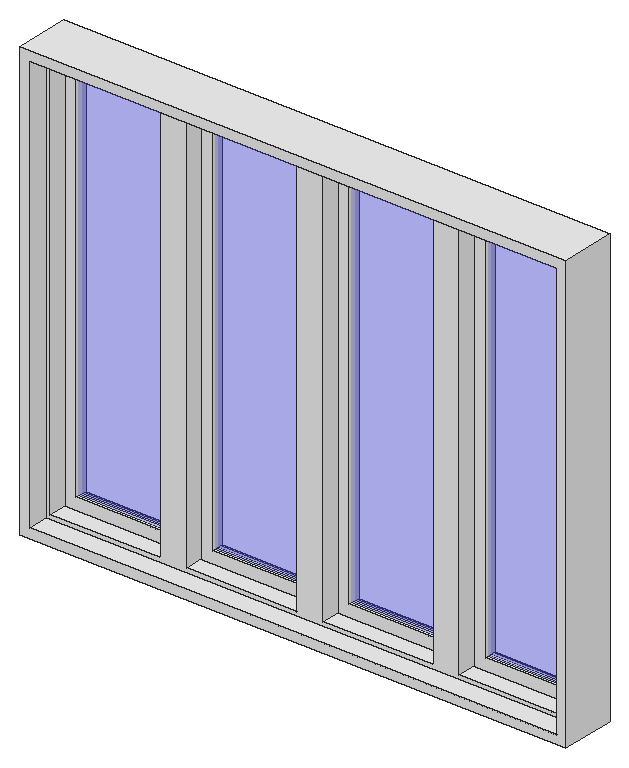
Revit family "M_Janela-batente-multicaixilho-horizontal", category Janelas, Revit 2019
Family settings
  Hospedeiro = Parede
  Número OmniClass = 23.30.20.00
  Título OmniClass = Windows
  Sempre na vertical = Sim
  Corte com vazios quando carregada = Não
  Compartilhado = Não
  Ponto de cálculo do ambiente = Não
Parameters (values of type "1550 x 1200mm")
  Janela aplicada [instance] = 15.9 mm
  Espessura da parede [instance] = 150 mm
  Visual Light Transmittance = 0.81
  Resistência térmica (R) = 0.319569 (m²·K)/W
  Solar Heat Gain Coefficient = 0.76
  Largura bruta = Largura + 15 mm  # 1515 mm
  Altura bruta = Altura + 15 mm  # 1215 mm
  Largura da jabela aberta = Largura / 4  # 375 mm
  Coeficiente de transferência de calor (U) = 3.12929 W/(m²·K)
  Material da moldura = Metal - Alum
  Altura = 1200 mm
  Material do painel de vidro = Vidro
  Intervalo da moldura 3 [instance] = Intervalo da moldura 1 + 6.4 mm  # 41.9 mm
  Intervalo da moldura 2 [instance] = if(Janela aplicada > 15.9 mm, Janela aplicada, 15.9 mm)  # 15.9 mm
  Intervalo da moldura 1 = 35.5 mm
  Classificação de incêndio = "0.5h"
  Altura-padrão do peitoril = 900 mm
  Fechamento da parede = Por hospedeiro
  Largura = 1500 mm
  Código de montagem = "B2020100"
  Construção analítica = "Vidraça dupla – residencial"
Types (4, lengths in mm): name | Largura bruta | Altura bruta | Largura da jabela aberta | Altura | Intervalo da moldura 3 | Intervalo da moldura 1 | Largura
  (no name) | 1515 | 1215 | 375 | 1200 | 41.9 | 35.5 | 1500
  1800 x 1350mm | 1815 | 1365 | 450 | 1350 | 41.4 | 35 | 1800
  1550 x 1200mm | 1515 | 1215 | 375 | 1200 | 41.9 | 35.5 | 1500
  2150 x 1500mm | 2165 | 1515 | 537.5 | 1500 | 41.9 | 35.5 | 2150
Reference planes
  plane 1 "Centro (Frente/Trás)": y = 0
  plane 2: z = 0
  plane 3 "Centro (Esquerda/Direita)": x = 0
  plane 4 "Esquerda": x = -750
  plane 5 "Direita": x = 750
  plane 6 "Peitoril": z = 900
  plane 7 "Extremidade superior": z = 2100
  plane 8 "Exterior": y = 75
  plane 9 "Interior": y = -75
  plane 10 "Vidro 1": y = 59.1
  plane 11: y = -17.1
  plane 12: x = -724.6
  plane 13: x = 724.6
  plane 14: y = 33.7
  plane 15: x = -714.5
  plane 16: x = 714.5
  plane 17: x = -375
  plane 18: x = 375
  plane 19: x = -400.4
  plane 20: x = -349.6
  plane 21: x = 349.6
  plane 22: x = 400.4
  plane 23: x = -410.5
  plane 24: x = -339.5
  plane 25: x = 339.5
  plane 26: x = 410.5
  plane 27: z = 2074.6
  plane 28: z = 925.4
  plane 29 "Deslocamento do caixilho": y = 65.45
  plane 30: y = 75
  plane 31: x = -682.7
  plane 32: x = -442.3
  plane 33: x = -307.7
  plane 34: x = 307.7
  plane 35: x = 442.3
  plane 36: x = 682.7
  plane 37: z = 935.5
  plane 38: z = 2064.5
  plane 39: z = 1734.24
  plane 40 "Vidro 2": y = 52.75
  plane 41 "Vidro 3": y = 46.4
  plane 42 "Vidro 4": y = 40.05
  plane 43 "Meio": z = 1500
  plane 44 "Deslocamento do montante": y = 71.8
  plane 45: x = -25.4
  plane 46: x = 25.4
  plane 47: x = -35.5
  plane 48: x = 35.5
  plane 49: x = -67.3
  plane 50: x = 67.3
Forms (mm)
  Sweep 1, solid, material "Metal - Alum" <- "Material da moldura"
    path origin (0, 0, 0) x (1, 0, 0) y (0, 0, 1)
      loop
        line (-750, 900) -> (750, 900) -> (750, 2100) -> (-750, 2100) -> (-750, 900)
    profile origin (-750, 0, 1500) x (-1, 0, 0) y (0, -1, 0)
      loop
        line (0, -75) -> (0, 75) -> (-25.4, 75) -> (-25.4, 17.1) -> (-35.5, 17.1) -> (-35.5, -33.7) -> (-25.4, -33.7) -> (-25.4, -75) -> (0, -75)
  Extrusion 2, solid, material "Metal - Alum" <- "Material da moldura"
    sketch origin (0, 0, 900) x (0, -1, 0) y (1, 0, 0)
      loop
        line (-33.7, -410.5) -> (17.1, -410.5) -> (17.1, -339.5) -> (-33.7, -339.5) -> (-33.7, -349.6) -> (-71.8, -349.6) -> (-71.8, -400.4) -> (-33.7, -400.4) -> (-33.7, -410.5)
      loop
        line (-33.7, -35.5) -> (17.1, -35.5) -> (17.1, 35.5) -> (-33.7, 35.5) -> (-33.7, 25.4) -> (-71.8, 25.4) -> (-71.8, -25.4) -> (-33.7, -25.4) -> (-33.7, -35.5)
      loop
        line (-71.8, 349.6) -> (-33.7, 349.6) -> (-33.7, 339.5) -> (17.1, 339.5) -> (17.1, 410.5) -> (-33.7, 410.5) -> (-33.7, 400.4) -> (-71.8, 400.4) -> (-71.8, 349.6)
    from 25.4 to 1174.6
  Sweep 3, solid, material "Metal - Alum" <- "Material da moldura"
    path origin (-474.87, 65.45, 1219.2) x (-1, 0, 0) y (0, 0, 1)
      loop
        line (-1199.47, -293.8) -> (-875.27, -293.8) -> (-875.27, 855.4) -> (-1199.47, 855.4) -> (-1199.47, -293.8)
    profile origin (724.6, 65.45, 1500) x (1, 0, 0) y (0, 1, 0)
      loop
        line (-41.9, 0) -> (-41.9, -31.75) -> (0, -31.75) -> (0, 0) -> (-41.9, 0)
  Sweep 4, solid, material "Metal - Alum" <- "Material da moldura"
    path origin (-474.87, 65.45, 1219.2) x (-1, 0, 0) y (0, 0, 1)
      loop
        line (249.73, -293.8) -> (249.73, 855.4) -> (-74.47, 855.4) -> (-74.47, -293.8) -> (249.73, -293.8)
    profile origin (-724.6, 65.45, 1500) x (1, 0, 0) y (0, 1, 0)
      loop
        line (0, 0) -> (0, -31.75) -> (41.9, -31.75) -> (41.9, 0) -> (0, 0)
  Extrusion 5, solid, material "Vidro" <- "Material do painel de vidro"
    sketch origin (0, 0, 900) x (0, -1, 0) y (1, 0, 0)
      loop
        line (-59.1, -682.7) -> (-52.75, -682.7) -> (-52.75, -442.3) -> (-59.1, -442.3) -> (-59.1, -682.7)
      loop
        line (-46.4, -682.7) -> (-40.05, -682.7) -> (-40.05, -442.3) -> (-46.4, -442.3) -> (-46.4, -682.7)
      loop
        line (-59.1, 442.3) -> (-52.75, 442.3) -> (-52.75, 682.7) -> (-59.1, 682.7) -> (-59.1, 442.3)
      loop
        line (-46.4, 442.3) -> (-40.05, 442.3) -> (-40.05, 682.7) -> (-46.4, 682.7) -> (-46.4, 442.3)
    from 67.27 to 1132.7
  Extrusion 6, solid, material "Vidro" <- "Material do painel de vidro"
    sketch origin (0, 0, 900) x (0, -1, 0) y (1, 0, 0)
      loop
        line (-59.1, -307.7) -> (-52.75, -307.7) -> (-52.75, -67.3) -> (-59.1, -67.3) -> (-59.1, -307.7)
      loop
        line (-46.4, -307.7) -> (-40.05, -307.7) -> (-40.05, -67.3) -> (-46.4, -67.3) -> (-46.4, -307.7)
      loop
        line (-59.1, 67.3) -> (-52.75, 67.3) -> (-52.75, 307.7) -> (-59.1, 307.7) -> (-59.1, 67.3)
      loop
        line (-46.4, 67.3) -> (-40.05, 67.3) -> (-40.05, 307.7) -> (-46.4, 307.7) -> (-46.4, 67.3)
    from 67.3 to 1132.7
  Sweep 7, solid, material "Metal - Alum" <- "Material da moldura"
    path origin (-474.87, 65.45, 1219.2) x (-1, 0, 0) y (0, 0, 1)
      loop
        line (-500.27, -293.8) -> (-500.27, 855.4) -> (-824.47, 855.4) -> (-824.47, -293.8) -> (-500.27, -293.8)
    profile origin (25.4, 65.45, 1500) x (1, 0, 0) y (0, 1, 0)
      loop
        line (0, 0) -> (0, -31.75) -> (41.9, -31.75) -> (41.9, 0) -> (0, 0)
  Sweep 8, solid, material "Metal - Alum" <- "Material da moldura"
    path origin (-474.87, 65.45, 1219.2) x (-1, 0, 0) y (0, 0, 1)
      loop
        line (-449.47, -293.8) -> (-125.27, -293.8) -> (-125.27, 855.4) -> (-449.47, 855.4) -> (-449.47, -293.8)
    profile origin (-25.4, 65.45, 1500) x (1, 0, 0) y (0, 1, 0)
      loop
        line (-41.9, 0) -> (-41.9, -31.75) -> (0, -31.75) -> (0, 0) -> (-41.9, 0)
Cuts and joins
  joined: Sweep 1, Extrusion 2
Lines and regions (mm)
  Opening 1
    outline origin (-1524, -75, 0) x (1, 0, 0) y (0, 0, 1)
      loop
        line (774, 2100) -> (774, 900) -> (2274, 900) -> (2274, 2100) -> (774, 2100)
  symbolic lines, style "Giro da elevação"
    curve 1: line (400.4, 65.45, 2074.6) -> (724.6, 65.45, 1500)
    curve 2: line (724.6, 65.45, 1500) -> (400.4, 65.45, 925.4)
    curve 3: line (-400.4, 65.45, 2074.6) -> (-724.6, 65.45, 1500)
    curve 4: line (-724.6, 65.45, 1500) -> (-400.4, 65.45, 925.4)
    curve 5: line (349.6, 65.45, 2074.6) -> (25.4, 65.45, 1500)
    curve 6: line (25.4, 65.45, 1500) -> (349.6, 65.45, 925.4)
    curve 7: line (-349.6, 65.45, 2074.6) -> (-25.4, 65.45, 1500)
    curve 8: line (-25.4, 65.45, 1500) -> (-349.6, 65.45, 925.4)
Text (mm)
  text "EXTERIOR" at (-1490.695, 1293.036, 0), in view "Nível de referência"
  text "INTERIOR" at (-1490.695, -959.266, 0), in view "Nível de referência"
  text "Exterior" at (0, 1108.87, 3129.179), in view "Esquerda"
  text "Exterior" at (0, 464.664, 3176.206), in view "Direita"
Dimensions and locks
  equal spacing: plane 4 "Esquerda", plane 3 "Centro (Esquerda/Direita)", plane 5 "Direita"
  "Largura": plane 4 "Esquerda" to plane 5 "Direita"
  "Altura": plane 6 "Peitoril" to plane 7 "Extremidade superior"
  "Altura-padrão do peitoril": plane 2 to plane 6 "Peitoril"
  "Janela aplicada": plane 8 "Exterior" to plane 10 "Vidro 1"
  locked: plane 4 "Esquerda" to plane 12 at 25.4
  locked: plane 13 to plane 5 "Direita" at 25.4
  "Intervalo da moldura 1": plane 4 "Esquerda" to plane 15
  "Intervalo da moldura 1": plane 16 to plane 5 "Direita"
  locked: plane 14 to plane 11 at 50.8
  locked: plane 19 to plane 17 at 25.4
  locked: plane 17 to plane 20 at 25.4
  locked: plane 21 to plane 18 at 25.4
  locked: plane 18 to plane 22 at 25.4
  "Intervalo da moldura 1": plane 23 to plane 17
  "Intervalo da moldura 1": plane 17 to plane 24
  "Intervalo da moldura 1": plane 25 to plane 18
  "Intervalo da moldura 1": plane 18 to plane 26
  locked: plane 7 "Extremidade superior" to plane 27 at 25.4
  locked: plane 28 to plane 6 "Peitoril" at 25.4
  "Intervalo da moldura 2": plane 30 to plane 10 "Vidro 1"
  "Intervalo da moldura 3": plane 12 to plane 31
  "Intervalo da moldura 3": plane 32 to plane 19
  "Intervalo da moldura 3": plane 20 to plane 33
  "Intervalo da moldura 3": plane 34 to plane 21
  "Intervalo da moldura 3": plane 22 to plane 35
  "Intervalo da moldura 3": plane 36 to plane 13
  "Intervalo da moldura 1": plane 6 "Peitoril" to plane 37
  "Intervalo da moldura 1": plane 38 to plane 7 "Extremidade superior"
  locked: plane 39 to plane 7 "Extremidade superior" at 365.76
  locked: plane 10 "Vidro 1" to plane 40 "Vidro 2" at 6.35
  locked: plane 40 "Vidro 2" to plane 41 "Vidro 3" at 6.35
  locked: plane 41 "Vidro 3" to plane 42 "Vidro 4" at 6.35
  equal spacing: plane 6 "Peitoril", plane 43 "Meio", plane 7 "Extremidade superior"
  locked: plane 10 "Vidro 1" to plane 14 at 25.4
  locked: plane 29 "Deslocamento do caixilho" to plane 10 "Vidro 1" at 6.35
  locked: plane 44 "Deslocamento do montante" to plane 29 "Deslocamento do caixilho" at 6.35
  locked: plane 3 "Centro (Esquerda/Direita)" to plane 46 at 25.4
  equal spacing: plane 4 "Esquerda", plane 17, plane 3 "Centro (Esquerda/Direita)"
  equal spacing: plane 3 "Centro (Esquerda/Direita)", plane 18, plane 5 "Direita"
  locked: plane 45 to plane 3 "Centro (Esquerda/Direita)" at 25.4
  "Intervalo da moldura 1": plane 47 to plane 3 "Centro (Esquerda/Direita)"
  "Intervalo da moldura 1": plane 3 "Centro (Esquerda/Direita)" to plane 48
  "Intervalo da moldura 3": plane 49 to plane 45
  "Intervalo da moldura 3": plane 46 to plane 50
  Extrusion 6 to Extrusion 5 = 6.35 mm
  "Espessura da parede": host wall to host wall
  aligned and locked: plane 7 "Extremidade superior" to Opening 1 sketch curve
  aligned and locked: plane 6 "Peitoril" to Opening 1 sketch curve  (x2)
  aligned and locked: plane 5 "Direita" to Opening 1 sketch curve
  aligned and locked: plane 4 "Esquerda" to Opening 1 sketch curve
  aligned and locked: level to plane 2
  aligned and locked: host wall to plane 8 "Exterior"
  aligned and locked: plane 9 "Interior" to host wall
  aligned and locked: Sweep 1 sketch curve to plane 4 "Esquerda"  (x2)
  aligned and locked: plane 7 "Extremidade superior" to Sweep 1 sketch curve  (x2)
  aligned and locked: plane 5 "Direita" to Sweep 1 sketch curve  (x2)
  aligned and locked: plane 6 "Peitoril" to Sweep 1 sketch curve  (x2)
  aligned and locked: plane 4 "Esquerda" to Sweep 1 sketch curve  (x2)
  aligned and locked: Sweep 1 sketch curve to plane 14
  aligned and locked: Sweep 1 sketch curve to plane 15
  aligned and locked: plane 11 to Sweep 1 sketch curve  (x2)
  aligned and locked: plane 9 "Interior" to Sweep 1 sketch curve  (x2)
  aligned and locked: plane 12 to Sweep 1 sketch curve  (x2)
  aligned and locked: plane 15 to Sweep 1 sketch curve
  aligned and locked: plane 14 to Sweep 1 sketch curve
  aligned and locked: Extrusion 2 to Sweep 1  (x2)
  aligned and locked: plane 30 to Sweep 1 sketch curve  (x2)
  aligned and locked: Sweep 4 sketch curve to plane 27
  aligned and locked: Sweep 4 sketch curve to plane 19
  aligned and locked: plane 28 to Sweep 4 sketch curve  (x2)
  aligned and locked: plane 12 to Sweep 4 sketch curve  (x2)
  aligned and locked: plane 19 to Sweep 4 sketch curve
  aligned and locked: plane 27 to Sweep 4 sketch curve
  aligned and locked: Sweep 4 sketch curve to profile plane  (x2)
  aligned and locked: plane 14 to Sweep 4 sketch curve
  aligned and locked: Sweep 4 sketch curve to plane 31
  aligned and locked: plane 28 to Sweep 3 sketch curve  (x2)
  aligned and locked: plane 13 to Sweep 3 sketch curve  (x2)
  aligned and locked: plane 22 to Sweep 3 sketch curve  (x2)
  aligned and locked: plane 27 to Sweep 3 sketch curve  (x2)
  aligned and locked: Sweep 3 sketch curve to profile plane
  aligned and locked: plane 36 to Sweep 3 sketch curve
  aligned and locked: Sweep 3 sketch curve to Sweep 1
  aligned and locked: Sweep 1 to Sweep 3 sketch curve
  aligned and locked: plane 10 "Vidro 1" to Extrusion 5 sketch curve  (x2)
  aligned and locked: Extrusion 5 sketch curve to plane 31
  aligned and locked: Extrusion 5 sketch curve to plane 40 "Vidro 2"  (x2)
  aligned and locked: plane 32 to Extrusion 5 sketch curve  (x2)
  aligned and locked: Extrusion 5 sketch curve to plane 41 "Vidro 3"
  aligned and locked: Extrusion 5 sketch curve to plane 42 "Vidro 4"  (x2)
  aligned and locked: Extrusion 5 sketch curve to plane 35  (x2)
  aligned and locked: plane 36 to Extrusion 5 sketch curve  (x2)
  aligned and locked: plane 41 "Vidro 3" to Extrusion 5 sketch curve
  aligned and locked: plane 27 to curve 1
  aligned and locked: plane 22 to curve 1
  aligned and locked: plane 13 to curve 2
  aligned and locked: plane 43 "Meio" to curve 1
  aligned and locked: plane 22 to curve 2
  aligned and locked: plane 28 to curve 2
  aligned and locked: plane 28 to curve 4
  aligned and locked: plane 19 to curve 4
  aligned and locked: plane 43 "Meio" to curve 4
  aligned and locked: plane 12 to curve 4
  aligned and locked: plane 19 to curve 3
  aligned and locked: plane 27 to curve 3
  aligned and locked: Extrusion 2 sketch curve to plane 44 "Deslocamento do montante"  (x3)
  aligned and locked: plane 19 to Extrusion 2 sketch curve  (x2)
  aligned and locked: Extrusion 2 sketch curve to plane 14  (x5)
  aligned and locked: Extrusion 2 sketch curve to plane 24
  aligned and locked: plane 44 "Deslocamento do montante" to Extrusion 2 sketch curve  (x3)
  aligned and locked: plane 20 to Extrusion 2 sketch curve  (x2)
  aligned and locked: plane 14 to Extrusion 2 sketch curve  (x3)
  aligned and locked: plane 24 to Extrusion 2 sketch curve
  aligned and locked: plane 23 to Extrusion 2 sketch curve  (x2)
  aligned and locked: Extrusion 2 sketch curve to plane 46
  aligned and locked: plane 45 to Extrusion 2 sketch curve
  aligned and locked: plane 46 to Extrusion 2 sketch curve
  aligned and locked: plane 47 to Extrusion 2 sketch curve  (x2)
  aligned and locked: Extrusion 2 sketch curve to plane 48
  aligned and locked: plane 48 to Extrusion 2 sketch curve
  aligned and locked: plane 22 to Extrusion 2 sketch curve  (x2)
  aligned and locked: plane 21 to Extrusion 2 sketch curve  (x2)
  aligned and locked: plane 25 to Extrusion 2 sketch curve  (x2)
  aligned and locked: Extrusion 2 sketch curve to plane 26
  aligned and locked: plane 26 to Extrusion 2 sketch curve
  aligned and locked: Sweep 7 sketch curve to plane 28
  aligned and locked: Sweep 7 sketch curve to plane 46
  aligned and locked: plane 27 to Sweep 7 sketch curve  (x2)
  aligned and locked: plane 28 to Sweep 7 sketch curve
  aligned and locked: plane 46 to Sweep 7 sketch curve
  aligned and locked: plane 21 to Sweep 7 sketch curve  (x2)
  aligned and locked: Sweep 7 sketch curve to profile plane  (x2)
  aligned and locked: plane 14 to Sweep 7 sketch curve
  aligned and locked: Sweep 7 sketch curve to plane 50
  aligned and locked: Sweep 8 sketch curve to plane 27
  aligned and locked: plane 20 to Sweep 8 sketch curve  (x2)
  aligned and locked: plane 28 to Sweep 8 sketch curve  (x2)
  aligned and locked: plane 45 to Sweep 8 sketch curve  (x2)
  aligned and locked: plane 27 to Sweep 8 sketch curve
  aligned and locked: Sweep 8 sketch curve to profile plane
  aligned and locked: plane 49 to Sweep 8 sketch curve
  aligned and locked: cut or joined group of Sweep 1, Extrusion 2 to Sweep 8 sketch curve
  aligned and locked: plane 10 "Vidro 1" to Extrusion 6 sketch curve  (x2)
  aligned and locked: Extrusion 6 sketch curve to plane 33  (x2)
  aligned and locked: Extrusion 6 sketch curve to plane 40 "Vidro 2"  (x2)
  aligned and locked: plane 49 to Extrusion 6 sketch curve  (x2)
  aligned and locked: plane 41 "Vidro 3" to Extrusion 6 sketch curve  (x2)
  aligned and locked: Extrusion 6 sketch curve to plane 42 "Vidro 4"  (x2)
  aligned and locked: Extrusion 6 sketch curve to plane 50  (x2)
  aligned and locked: plane 34 to Extrusion 6 sketch curve  (x2)
  aligned and locked: nested 1 to plane 4 "Esquerda"
  aligned and locked: nested 1 to plane 8 "Exterior"
  aligned and locked: nested 2 to plane 8 "Exterior"
  aligned and locked: plane 17 to nested 2
  aligned and locked: plane 3 "Centro (Esquerda/Direita)" to nested 3
  aligned and locked: nested 3 to plane 8 "Exterior"
  aligned and locked: nested 4 to plane 8 "Exterior"
  aligned and locked: plane 18 to nested 4
  aligned and locked: nested 1 to plane 7 "Extremidade superior"
  aligned and locked: nested 2 to plane 7 "Extremidade superior"
  aligned and locked: nested 3 to plane 7 "Extremidade superior"
  aligned and locked: nested 4 to plane 7 "Extremidade superior"
  aligned and locked: Extrusion 5 to Sweep 3
  aligned and locked: Extrusion 6 to Sweep 3  (x2)
  aligned and locked: plane 11 to Extrusion 2 sketch curve  (x3)
  aligned and locked: plane 27 to curve 5
  aligned and locked: plane 21 to curve 5
  aligned and locked: plane 28 to curve 6
  aligned and locked: plane 21 to curve 6
  aligned and locked: plane 46 to curve 5
  aligned and locked: plane 43 "Meio" to curve 5
  aligned and locked: plane 43 "Meio" to curve 8
  aligned and locked: plane 45 to curve 8
  aligned and locked: plane 27 to curve 7
  aligned and locked: plane 20 to curve 7
  aligned and locked: plane 28 to curve 8
  aligned and locked: plane 20 to curve 8
Automatic sketch dimensions
  Extrusion 5 sketch curve to plane 31 = 0 mm
  Sweep 8 sketch curve to profile plane = 0 mm
Nested families
  nested 1: "M_Plano-Batente" at (-562.5, 75, 900), Janela aplicada <- "Janela aplicada", Largura <- "Largura da jabela aberta", Altura <- "Altura", Espessura da parede <- "Espessura da parede", type "M_Plano-Batente"
    with Janela aplicada de 3D 2.9 mm, Janela aplicada 15.9 mm, Largura 375 mm, Espessura da parede 150 mm, Linha superior yes, Linha à direita no, RH no, Linha à esquerda yes, LH yes, Altura 1200 mm, Linha inferior yes
  nested 2: "M_Plano-Batente" at (-187.5, 75, 900), Janela aplicada <- "Janela aplicada", Largura <- "Largura da jabela aberta", Altura <- "Altura", Espessura da parede <- "Espessura da parede", type "M_Plano-Batente"
    with Janela aplicada de 3D 2.9 mm, Janela aplicada 15.9 mm, Largura 375 mm, Espessura da parede 150 mm, Linha superior yes, Linha à direita no, RH yes, Linha à esquerda no, LH no, Altura 1200 mm, Linha inferior yes
  nested 3: "M_Plano-Batente" at (187.5, 75, 900), Janela aplicada <- "Janela aplicada", Largura <- "Largura da jabela aberta", Altura <- "Altura", Espessura da parede <- "Espessura da parede", type "M_Plano-Batente"
    with Janela aplicada de 3D 2.9 mm, Janela aplicada 15.9 mm, Largura 375 mm, Espessura da parede 150 mm, Linha superior yes, Linha à direita no, RH no, Linha à esquerda no, LH yes, Altura 1200 mm, Linha inferior yes
  nested 4: "M_Plano-Batente" at (562.5, 75, 900), Janela aplicada <- "Janela aplicada", Largura <- "Largura da jabela aberta", Altura <- "Altura", Espessura da parede <- "Espessura da parede", type "M_Plano-Batente"
    with Janela aplicada de 3D 2.9 mm, Janela aplicada 15.9 mm, Largura 375 mm, Espessura da parede 150 mm, Linha superior yes, Linha à direita yes, RH yes, Linha à esquerda no, LH no, Altura 1200 mm, Linha inferior yes
Definition of nested family "M_Plano-Batente"
  Parameters (values of type "M_Plano-Batente")
    Janela aplicada [instance] = 25 mm
    Janela aplicada de 3D [instance] = if(Janela aplicada - 13 mm < 0 mm, 0 mm, if(Janela aplicada - 13 mm < Espessura da parede - 90 mm, Janela aplicada - 13 mm, Espessura da parede - 90 mm))  # 12 mm
    Width [instance] = 1200 mm
    Espessura da parede [instance] = 150 mm
    Linha superior [instance] = yes
    Linha à direita [instance] = yes
    RH [instance] = yes
    Linha à esquerda [instance] = yes
    LH [instance] = yes
    Height [instance] = 900 mm
    Default Elevation = 1200 mm
    Linha inferior [instance] = yes
    Analytic Construction = "<Nenhum>"
  Reference planes
    plane 1 "Centro (Frente/Trás)": y = 0
    plane 2: z = 0
    plane 3 "Centro (Esquerda/Direita)": x = 0
    plane 4: x = -600
    plane 5: x = 600
    plane 6 "Umbral": y = -100.9
    plane 7: x = -587.3
    plane 8: x = -568.25
    plane 9: y = -12
    plane 10: y = -56.45
    plane 11: y = -34.225
    plane 12: x = -530.15
    plane 13: x = 587.3
    plane 14: x = 568.25
    plane 15: x = 530.15
    plane 16 "Janela aplicada": y = -24.7
    plane 17 "Parede": y = -150
    plane 18: z = 900
    plane 19: z = 887.3
    plane 20: z = 12.7
    plane 21: z = 868.25
    plane 22: z = 31.75
    plane 23: z = 830.15
    plane 24: z = 69.85
  Lines and regions (mm)
    Masking region 1
      outline origin (0, 19.05, 0) x (1, 0, 0) y (0, 1, 0)
        loop
          line (-600, -19.05) -> (-600, -169.05) -> (600, -169.05) -> (600, -19.05) -> (-600, -19.05)
    Masking region 2
      outline origin (0, 0, 0) x (0, 1, 0) y (0, 0, 1)
        loop
          line (0, 900) -> (-150, 900) -> (-150, 0) -> (0, 0) -> (0, 900)
    symbolic lines
      curve 1: line (-587.3, -56.45, 0) -> (-568.25, -56.45, 0)
      curve 2: line (-568.25, -56.45, 0) -> (-568.25, -100.9, 0)
      curve 3: line (-587.3, -12, 0) -> (-587.3, -56.45, 0)
      curve 4: line (-530.15, -12, 0) -> (-530.15, -56.45, 0)
      curve 5: line (-530.15, -56.45, 0) -> (-568.25, -56.45, 0)
      curve 6: line (-530.15, -34.225, 0) -> (530.15, -34.225, 0)
      curve 7: line (587.3, -56.45, 0) -> (568.25, -56.45, 0)
      curve 8: line (568.25, -56.45, 0) -> (568.25, -100.9, 0)
      curve 9: line (587.3, -12, 0) -> (587.3, -56.45, 0)
      curve 10: line (530.15, -12, 0) -> (530.15, -56.45, 0)
      curve 11: line (530.15, -56.45, 0) -> (568.25, -56.45, 0)
      curve 14: line (-600, -100.9, 0) -> (-568.25, -100.9, 0)
      curve 15: line (568.25, -100.9, 0) -> (600, -100.9, 0)
      curve 16: line (568.25, -100.9, 0) -> (-568.25, -100.9, 0)
      curve 17: line (0, -12, 887.3) -> (0, -56.45, 887.3)
      curve 18: line (0, -56.45, 868.25) -> (0, -100.9, 868.25)
      curve 19: line (0, -12, 12.7) -> (0, -56.45, 12.7)
      curve 20: line (0, -56.45, 12.7) -> (0, -56.45, 69.85)
      curve 21: line (0, -56.45, 31.75) -> (0, -100.9, 31.75)
      curve 22: line (0, -12, 900) -> (0, -12, 830.15)
      curve 23: line (0, -12, 830.15) -> (0, -56.45, 830.15)
      curve 24: line (0, -56.45, 69.85) -> (0, -12, 69.85)
      curve 25: line (0, -34.225, 69.85) -> (0, -34.225, 830.15)
      curve 28: line (0, -56.45, 887.3) -> (0, -56.45, 830.15)
      curve 29: line (530.15, -12, 0) -> (600, -12, 0)
      curve 30: line (-530.15, -12, 0) -> (-600, -12, 0)
      curve 31: line (0, -12, 69.85) -> (0, -12, 0)
      curve 32: line (-530.15, -12, 0) -> (530.15, -12, 0)
      curve 33: line (0, -12, 830.15) -> (0, -12, 69.85)
      curve 38: line (0, -100.9, 31.75) -> (0, -100.9, 868.25)
      curve 39: line (0, -100.9, 31.75) -> (0, -100.9, 0)
      curve 40: line (0, -100.9, 900) -> (0, -100.9, 868.25)
    symbolic lines, visible <- "RH"
      curve 12: arc (-587.3, -12, 0) -> (-497.889, 437.5, 0) -> (-243.268, 818.568, 0) r 1174.6
      curve 26: line (587.3, -12, 0) -> (-243.268, 818.568, 0)
    symbolic lines, visible <- "LH"
      curve 13: line (-587.3, -12, 0) -> (243.268, 818.568, 0)
      curve 27: arc (587.3, -12, 0) -> (497.889, 437.5, 0) -> (243.268, 818.568, 0) r 1174.6
    symbolic lines, visible <- "Linha à direita"
      curve 34: line (600, 0, 0) -> (600, -150, 0)
    symbolic lines, visible <- "Linha à esquerda"
      curve 35: line (-600, 0, 0) -> (-600, -150, 0)
    symbolic lines, visible <- "Linha superior"
      curve 36: line (0, 0, 900) -> (0, -150, 900)
    symbolic lines, visible <- "Linha inferior"
      curve 37: line (0, 0, 0) -> (0, -150, 0)
  Dimensions and locks
    "Width": plane 4 to plane 5
    equal spacing: plane 4, plane 3 "Centro (Esquerda/Direita)", plane 5
    plane 4 to plane 7 to plane 8 = 12.7 mm locked, 19.05 mm locked
    equal spacing: plane 9, plane 11, plane 10
    locked: plane 7 to plane 12 at 57.15
    plane 5 to plane 13 to plane 14 = 12.7 mm locked, 19.05 mm locked
    locked: plane 13 to plane 15 at 57.15
    locked: plane 9 to plane 16 "Janela aplicada" at 12.7
    locked: plane 9 to plane 10 at 44.45
    "Espessura da parede": plane 17 "Parede" to plane 1 "Centro (Frente/Trás)"
    "Height": plane 18 to plane 2
    locked: plane 18 to plane 19 at 12.7
    locked: plane 20 to plane 2 at 12.7
    locked: plane 19 to plane 21 at 19.05
    locked: plane 22 to plane 20 at 19.05
    locked: plane 19 to plane 23 at 57.15
    locked: plane 24 to plane 20 at 57.15
    locked: plane 10 to plane 6 "Umbral" at 44.45
    "Janela aplicada de 3D": plane 9 to plane 1 "Centro (Frente/Trás)"
    locked: plane 9 to curve 13 (angle 45.00°)
    angle curve 26 to plane 16 "Janela aplicada" = 45.00°
    aligned and locked: plane 2 to level
    aligned and locked: curve 2 to plane 8
    aligned and locked: curve 1 to plane 10
    aligned and locked: plane 14 to curve 8
    aligned and locked: curve 14 to plane 6 "Umbral"
    aligned and locked: curve 15 to plane 6 "Umbral"
    aligned and locked: plane 21 to curve 18
    aligned and locked: plane 19 to curve 17
    aligned and locked: plane 22 to curve 21
    aligned and locked: plane 10 to curve 20
    aligned and locked: plane 20 to curve 19
    aligned and locked: curve 22 to plane 9
    aligned and locked: plane 23 to curve 23
    aligned and locked: curve 24 to plane 24
    aligned and locked: plane 11 to curve 25
    aligned and locked: plane 13 to curve 27
    aligned and locked: plane 9 to curve 13
    aligned and locked: plane 9 to curve 26
    aligned and locked: plane 5 to curve 29
    aligned and locked: plane 18 to curve 22
    aligned and locked: plane 9 to curve 17
    aligned and locked: plane 9 to curve 19
    aligned and locked: plane 9 to curve 3
    aligned and locked: plane 9 to curve 9
    aligned and locked: curve 28 to plane 10
    aligned and locked: plane 19 to curve 28
    aligned and locked: plane 23 to curve 28
    aligned and locked: plane 4 to curve 30
    aligned and locked: plane 9 to curve 31
    aligned and locked: plane 2 to curve 31
    aligned and locked: curve 32 to plane 9
    aligned and locked: plane 12 to curve 32
    aligned and locked: plane 15 to curve 32
    aligned and locked: plane 24 to curve 33
    aligned and locked: plane 1 "Centro (Frente/Trás)" to curve 34
    aligned and locked: plane 17 "Parede" to curve 34
    aligned and locked: curve 34 to plane 5
    aligned and locked: plane 17 "Parede" to curve 35
    aligned and locked: plane 1 "Centro (Frente/Trás)" to curve 35
    aligned and locked: curve 35 to plane 4
    aligned and locked: plane 17 "Parede" to curve 37
    aligned and locked: plane 1 "Centro (Frente/Trás)" to curve 37
    aligned and locked: curve 37 to plane 2
    aligned and locked: plane 17 "Parede" to curve 36
    aligned and locked: plane 1 "Centro (Frente/Trás)" to curve 36
    aligned and locked: curve 36 to plane 18
    aligned and locked: plane 1 "Centro (Frente/Trás)" to Masking region 1 sketch curve
    aligned and locked: plane 17 "Parede" to Masking region 1 sketch curve
    aligned and locked: plane 4 to Masking region 1 sketch curve
    aligned and locked: Masking region 1 sketch curve to plane 5
    aligned and locked: plane 2 to Masking region 2 sketch curve
    aligned and locked: Masking region 2 sketch curve to plane 18
    aligned and locked: plane 1 "Centro (Frente/Trás)" to Masking region 2 sketch curve
    aligned and locked: plane 17 "Parede" to Masking region 2 sketch curve
    aligned and locked: plane 6 "Umbral" to curve 21
    aligned and locked: plane 6 "Umbral" to curve 18
    aligned and locked: plane 10 to curve 18
    aligned and locked: plane 10 to curve 21
    aligned and locked: plane 22 to curve 39
    aligned and locked: plane 21 to curve 40
    aligned and locked: plane 6 "Umbral" to curve 40
  Automatic sketch dimensions
    curve 3 to plane 7 = 0 mm
    curve 27 to plane 7 = 0 mm
    curve 12 to plane 13 = 0 mm
    curve 7 to plane 10 = 0 mm
    curve 6 to plane 11 = 0 mm
